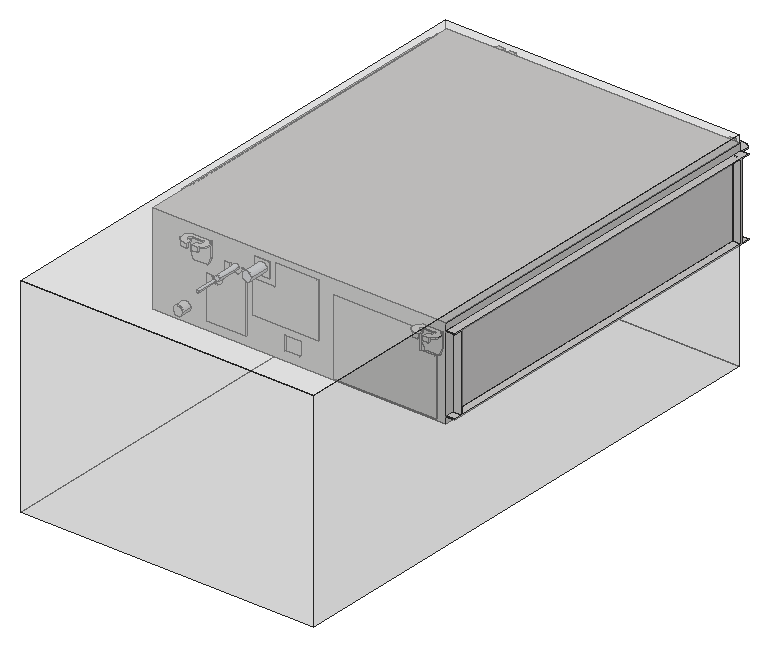
Revit family "outputfile", category 機械設備, Revit 2024
Family settings
  丸型コネクタ寸法 = 半径を使用
  パーツ タイプ = 標準
  OmniClass 番号 = 23.75.10.24.21.27.27
  OmniClass タイトル = Split System Air Conditioning Units
  作業面ベース = いいえ
  常に垂直 = はい
  ロード時にボイドで切り取り = いいえ
  注釈の向きを維持 = いいえ
  共有 = いいえ
  部屋計算ポイント = はい
Parameters (values of type "FXSQ50PAVS")
  Description = ""
  製造元 = "Daikin"
  書き出し IFC クラス(タイプ) = "IfcUnitaryEquipmentType"
  定義済み IFC タイプ(タイプ) = "AIRCONDITIONINGUNIT"
  Cost = 0
  モデル = "FXSQ50PAVS"
  Type Comments = ""
  Keynote = ""
  Type Image = (empty or 0)
  Assembly Code = ""
  r_Liquid Pipe Size = Liquid Pipe Size / 2  # 3.2 mm
  r_Gas Pipe Size = Gas Pipe Size / 2  # 6.35 mm
  r_Drain Pipe Size = Drain Pipe Size / 2  # 12.5 mm
  lw_power = 770.0 mm  # constant formula
  lh_SA = 138.0 mm  # constant formula
  lw_SA = if(Depth = 550.0 mm, 225.0 mm, if(Depth = 700.0 mm, 300.0 mm, if(Depth = 1000.0 mm, 450.0 mm, if(Depth = 1400.0 mm, 650.0 mm, 725.0 mm))))  # 450.0 mm
  lw_RA = if(Depth = 550.0 mm, 275.0 mm, if(Depth = 700.0 mm, 349.0 mm, if(Depth = 1000.0 mm, 499.0 mm, if(Depth = 1400.0 mm, 699.0 mm, 775.0 mm))))  # 499.0 mm
  lh_power = 60.0 mm + [h***]  # 60.0 mm
  lh_mountinghole1 = lh_mountinghole + [h***]  # 222.0 mm
  lh_RA = 123.0 mm  # constant formula
  ld_power = Depth / 2  # 500.0 mm
  Voltage_comment_50Hz = "220-240"
  Voltage_50Hz = 220 V
  URL = ""
  Supply Air Direction [instance] = yes
  Sound Power Level_H speed (dB) = 62
  Phase_50Hz = 1
  Minimum External Static Pressure = 50.00 Pa
  Minimum Circuit Amps_50Hz = 1.3 A
  Maximum Fuse Amps_50Hz = 16.0 A
  Maximum External Static Pressure = 150.00 Pa
  Material_Casing = DAIKIN_GalvanizedSteel_Casing_indoorunit
  lw_mountinghole = 630.0 mm  # constant formula
  lh_gaspipe = 183.0 mm + [h***]  # 183.0 mm
  lh_mountinghole = 222.0 mm  # constant formula
  lh_liquidpipe = 136.0 mm + [h***]  # 136.0 mm
  lh_drainpipe = 207.0 mm + [h***]  # 207.0 mm
  lh_antena = Height - lh_mountinghole + 1.0 mm  # 24.0 mm
  ld_drainpipe = Depth / 2 + 53.0 mm  # 553.0 mm
  ld_liquidpipe = Depth / 2 + 69.0 mm  # 569.0 mm
  ld_gaspipe = Depth / 2 + 65.0 mm  # 565.0 mm
  ld_mountinghole = Depth + 38.0 mm  # 1038.0 mm
  h*** = 0.0 mm  # constant formula
  lw_liquidpipe = 179.0 mm  # constant formula
  lw_gaspipe = 229.0 mm  # constant formula
  lw_drainpipe = 300.0 mm  # constant formula
  Width = 800.0 mm
  Version = "ver.1.0"
  Unit Type = "Middle Static Pressure Duct Type"
  Unit Mass Weight = 35.00 kg
  Unit Designation [instance] = ""
  Uniclass2015Version = "Products v1.30"
  Uniclass2015Title = "Variable refrigerant flow units"
  Uniclass2015Code = "Pr_70_65_03_94"
  Total Heating Capacity [instance] = 0.000 kW
  Total Cooling Capacity [instance] = 0.000 kW
  Sound Pressure Level_M speed (dBA) = 0
  Sound Pressure Level_L speed (dBA) = 29
  Sound Pressure Level_H speed (dBA) = 34
  Series = "VRV Fan Coil Unit"
  Sensible Cooling Capacity [instance] = 0.000 kW
  SA Duct Size Width = if(Depth = 550.0 mm, 337.0 mm, if(Depth = 700.0 mm, 492.0 mm, if(Depth = 1000.0 mm, 792.0 mm, if(Depth = 1400.0 mm, 1192.0 mm, 1337.0 mm))))  # 792.0 mm
  SA Duct Size Height = 176.0 mm
  Refrigerant Type = "R410A"
  RA Duct Size Width = if(Depth = 550.0 mm, 502.0 mm, if(Depth = 700.0 mm, 654.0 mm, if(Depth = 1000.0 mm, 952.0 mm, if(Depth = 1400.0 mm, 1352.0 mm, 1502.0 mm))))  # 952.0 mm
  RA Duct Size Height = 208.0 mm
  Power Input (Heating) = 0.159 kW
  Power Input (Cooling) = 0.164 kW
  Option Accessory 3 [instance] = ""
  Option Accessory 2 [instance] = ""
  Option Accessory 1 [instance] = ""
  Nominal Heating Capacity = 6.300 kW
  Nominal Cooling Capacity = 5.600 kW
  Minimum Airflow = 690.00 m³/h
  Median Airflow = 870.00 m³/h
  Maximum Airflow = 1020.00 m³/h
  Load Classification = HVAC
  Liquid Pipe Size = 6.4 mm
  Link_Nested Family [instance] = ""
  IfcVersion = "0"
  IfcExportType = "AIRCONDITIONINGUNIT"
  IfcExportAs = "IfcUnitaryEquipmentType"
  Height = 245.0 mm
  Heating Entering Wet Bulb Temperature [instance] = 0.00 °C
  Heating Entering Dry Bulb Temperature [instance] = 0.00 °C
  Heating Ambient Wet Bulb Temperature [instance] = 0.00 °C
  Heating Ambient Dry Bulb Temperature [instance] = 0.00 °C
  Heat Exchanger Type = "Cross Fin Coil"
  Gas Pipe Size = 12.7 mm
  Frequency_50Hz = 50 Hz
  Fan Type = "Sirocco Fan"
  Fan Drive = "Direct Drive"
  FCU Tag No. [instance] = ""
  Drain Pipe Size = 25.0 mm
  Design Supply Airflow [instance] = 0.00 m³/h
  Design Return Airflow [instance] = 0.00 m³/h
  Design External Static Pressure [instance] = 0.00 Pa
  Depth = 1000.0 mm
  既定の高さ = 0.0 mm
  Cooling Entering Wet Bulb Temperature [instance] = 0.00 °C
  Cooling Entering Dry Bulb Temperature [instance] = 0.00 °C
  Cooling Ambient Wet Bulb Temperature [instance] = 0.00 °C
  Cooling Ambient Dry Bulb Temperature [instance] = 0.00 °C
  Clearance visibility [instance] = yes
  Clearance Top = 20.0 mm
  Clearance Right = 0.0 mm
  Clearance Rear = 0.0 mm
  Clearance Left = 0.0 mm
  Clearance Front = 450.0 mm
  Clearance Bottom = 300.0 mm
Reference planes
  plane 1 "Center (Front/Back)": y = 0
  plane 2 "h": z = 0
  plane 3 "Center (Left/Right)": x = 0
  plane 4 "Back": y = 500
  plane 5 "Front": y = -500
  plane 6 "Left": x = -400
  plane 7 "Reight": x = 400
  plane 8 "Top": z = 0
  plane 9 "Bottom": z = -245
  plane 10: y = -215
  plane 11: y = 500
  plane 12: y = -950
  plane 13: x = -400
  plane 14: x = 400
  plane 15: z = 20
  plane 16: z = -545
  plane 17: x = -400
  plane 18: x = -399
  plane 19: x = 399
  plane 20: y = 50
  plane 21: y = -1
  plane 22: z = -122
  plane 23: y = -501
  plane 24: z = -109
  plane 25: x = -221
  plane 26: y = -565
  plane 27: z = -62
  plane 28: x = -171
  plane 29: y = -553
  plane 30: z = -38
  plane 31: x = -100
  plane 32: x = -100
  plane 33: x = -221
  plane 34: x = -171
  plane 35: x = 370
  plane 36: x = -266
  plane 37: x = 364
  plane 38: y = -519
  plane 39: y = 519
  plane 40: z = -23
  plane 41: z = -107
  plane 42: y = -570
  plane 43: z = -207
  plane 44: x = -309
  plane 45: y = -526
  plane 46: x = -251
  plane 47: x = -203
  plane 48: x = -144
  plane 49: z = -59
  plane 50: z = -106
  plane 51: z = -221
  plane 52: z = -109
  plane 53: x = -221
  plane 54: z = -62
  plane 55: x = -171
  plane 56: z = -17
  plane 57: z = -59
  plane 58: x = -121
  plane 59: x = -79
  plane 60: x = -125
  plane 61: x = -64
  plane 62: x = 53
  plane 63: z = -164
  plane 64: z = -73
  plane 65: z = -16
  plane 66: x = 93.5
  plane 67: x = 374.5
  plane 68: x = 330
  plane 69: z = -88.5
  plane 70: z = -38
  plane 71: z = -242.5
  plane 72: x = -38.5
  plane 73: x = 6.5
  plane 74: z = -181
  plane 75: z = -221
  plane 76: y = -499
  plane 77: x = -424
  plane 78: x = 424
Forms (mm)
  Extrusion 1, solid, material "DAIKIN_GalvanizedSteel_Casing_indoorunit" <- "Material_Casing"
    sketch origin (0, 0, 0) x (1, 0, 0) y (0, 1, 0)
      loop
        line (-399, 500) -> (-399, -500) -> (399, -500) -> (399, 500) -> (-399, 500)
    from -245 to 0
  Extrusion 2, solid, material "DAIKIN_GalvanizedSteel_Casing_indoorunit" <- "Material_Casing"
    sketch origin (0, 0, 0) x (1, 0, 0) y (0, 0, 1)
      loop
        line (-251, -221) -> (-144, -221) -> (-144, -59) -> (-154.47, -59)
        arc (-154.47, -59) -> (-171, -78.8) -> (-187.53, -59) r 16.8
        line (-187.53, -59) -> (-203, -59) -> (-203, -106) -> (-206.916, -106)
        arc (-206.916, -106) -> (-221, -123.4) -> (-235.084, -106) r 14.4
        line (-235.084, -106) -> (-251, -106) -> (-251, -221)
    from 500 to 501
  Extrusion 3, solid, material "DAIKIN_GalvanizedSteel_Casing_indoorunit" <- "Material_Casing"
    sketch origin (0, 0, 0) x (1, 0, 0) y (0, 0, 1)
      loop
        line (-121, -17) -> (-121, -59) -> (-79, -59) -> (-79, -17) -> (-121, -17)
      loop
        line (-125, -73) -> (-125, -164) -> (53, -164) -> (53, -16) -> (-64, -16) -> (-64, -73) -> (-125, -73)
    from 500 to 501
  Extrusion 4, solid, material "DAIKIN_GalvanizedSteel_Casing_indoorunit" <- "Material_Casing"
    sketch origin (0, 0, 0) x (1, 0, 0) y (0, 0, 1)
      loop
        line (93.5, -38) -> (93.5, -242.5) -> (374.5, -242.5) -> (374.5, -88.5) -> (330, -88.5) -> (330, -38) -> (93.5, -38)
    from 500 to 501
  Extrusion 5, solid
    sketch origin (0, 0, 0) x (1, 0, 0) y (0, 0, 1)
      loop
        circle (-221, -109) r 3.2
    from 500 to 570
  Extrusion 6, solid
    sketch origin (0, 0, 0) x (1, 0, 0) y (0, 0, 1)
      loop
        circle (-171, -62) r 6.35
    from 500 to 565
  Extrusion 7, solid
    sketch origin (0, 0, 0) x (1, 0, 0) y (0, 0, 1)
      loop
        circle (-100, -38) r 12.5
    from 501 to 553
  Extrusion 8, solid, material "DAIKIN_GalvanizedSteel_Casing_indoorunit" <- "Material_Casing"
    sketch origin (0, 0, 0) x (1, 0, 0) y (0, 0, 1)
      loop
        circle (-309, -207) r 13
    from 500 to 526
  Extrusion 9, void
    sketch origin (0, 0, 0) x (1, 0, 0) y (0, 0, 1)
      loop
        line (-38.5, -181) -> (-38.5, -221) -> (6.5, -221) -> (6.5, -181) -> (-38.5, -181)
    from 499 to 500
Cuts and joins
  Extrusion 9 cuts Extrusion 1
Dimensions and locks
  "Height": plane 8 "Top" to plane 9 "Bottom"
  equal spacing: plane 4 "Back", plane 1 "Center (Front/Back)", plane 5 "Front"
  "Depth": plane 4 "Back" to plane 5 "Front"
  equal spacing: plane 6 "Left", plane 3 "Center (Left/Right)", plane 7 "Reight"
  "Width": plane 6 "Left" to plane 7 "Reight"
  "Clearance Left": plane 13 to plane 6 "Left"
  "Clearance Right": plane 7 "Reight" to plane 14
  "Clearance Rear": plane 11 to plane 4 "Back"
  "Clearance Front": plane 5 "Front" to plane 12
  "Clearance Top": plane 15 to plane 8 "Top"
  "Clearance Bottom": plane 9 "Bottom" to plane 16
  locked: plane 17 to plane 18 at 1
  locked: plane 19 to plane 14 at 1
  "lw_SA": plane 11 to plane 20
  "lw_RA": plane 21 to plane 5 "Front"
  "lh_RA": plane 22 to plane 9 "Bottom"
  locked: plane 5 "Front" to plane 23 at 1
  "lw_liquidpipe": plane 25 to plane 6 "Left"
  "lh_liquidpipe": plane 24 to plane 9 "Bottom"
  "lh_gaspipe": plane 27 to plane 9 "Bottom"
  "lw_gaspipe": plane 28 to plane 6 "Left"
  "ld_gaspipe": plane 26 to plane 1 "Center (Front/Back)"
  "ld_drainpipe": plane 29 to plane 1 "Center (Front/Back)"
  "lh_drainpipe": plane 30 to plane 9 "Bottom"
  "lw_drainpipe": plane 31 to plane 6 "Left"
  "lw_drainpipe": plane 6 "Left" to plane 32
  "lw_liquidpipe": plane 6 "Left" to plane 33
  "lw_gaspipe": plane 6 "Left" to plane 34
  "lw_power": plane 6 "Left" to plane 35
  locked: plane 17 to plane 36 at 134
  "lw_mountinghole": plane 36 to plane 37
  equal spacing: plane 38, plane 1 "Center (Front/Back)", plane 39
  "ld_mountinghole": plane 39 to plane 38
  "lh_mountinghole": plane 40 to plane 9 "Bottom"
  "lh_SA": plane 41 to plane 9 "Bottom"
  "ld_liquidpipe": plane 21 to plane 42
  locked: plane 44 to plane 6 "Left" at 91
  locked: plane 43 to plane 9 "Bottom" at 38
  locked: plane 5 "Front" to plane 45 at 26
  plane 48 to plane 47 to plane 46 to plane 6 "Left" = 59.0 mm, 48.0 mm, 149.0 mm
  plane 8 "Top" to plane 49 to plane 50 to plane 51 = 59.0 mm locked, 47.0 mm locked, 115.0 mm locked
  plane 55 to plane 53 to plane 6 "Left" = 50.0 mm locked, 179.0 mm locked
  plane 54 to plane 52 to plane 9 "Bottom" = 47.0 mm locked, 136.0 mm locked
  plane 59 to plane 58 to plane 6 "Left" = 42.0 mm locked, 279.0 mm locked
  plane 8 "Top" to plane 56 to plane 57 = 17.0 mm locked, 42.0 mm locked
  plane 62 to plane 61 to plane 60 to plane 6 "Left" = 117.0 mm, 61.0 mm, 275.0 mm
  plane 8 "Top" to plane 65 to plane 64 = 16.0 mm locked, 57.0 mm locked
  locked: plane 65 to plane 63 at 148
  plane 8 "Top" to plane 70 to plane 69 to plane 71 = 38.0 mm locked, 50.5 mm locked, 154.0 mm locked
  plane 67 to plane 68 to plane 66 to plane 6 "Left" = 44.5 mm locked, 236.5 mm locked, 493.5 mm locked
  plane 8 "Top" to plane 74 to plane 75 = 181.0 mm locked, 40.0 mm locked
  plane 73 to plane 72 to plane 6 "Left" = 45.0 mm, 361.5 mm
  locked: plane 76 to plane 5 "Front" at 1
  locked: plane 77 to plane 17 at 24
  locked: plane 14 to plane 78 at 24
  "r_Liquid Pipe Size": radius of Extrusion 5 sketch curve
  "r_Gas Pipe Size": radius of Extrusion 6 sketch curve
  "r_Drain Pipe Size": radius of Extrusion 7 sketch curve
  aligned and locked: level to plane 2 "h"
  aligned and locked: plane 8 "Top" to Extrusion 1
  aligned and locked: Extrusion 1 to plane 9 "Bottom"
  aligned and locked: nested 5 to plane 12
  aligned and locked: plane 13 to nested 5
  aligned and locked: plane 14 to nested 5
  aligned and locked: nested 5 to plane 13
  aligned and locked: plane 11 to nested 5
  aligned and locked: plane 15 to nested 5
  aligned and locked: plane 16 to nested 5
  aligned and locked: plane 5 "Front" to Extrusion 1 sketch curve
  aligned and locked: Extrusion 1 to plane 18
  aligned and locked: plane 19 to Extrusion 1
  aligned and locked: nested 7 to plane 18
  aligned and locked: nested 7 to plane 20
  aligned and locked: plane 19 to nested 8
  aligned and locked: plane 21 to nested 8
  aligned and locked: plane 22 to nested 8
  aligned and locked: Extrusion 2 to plane 23
  aligned and locked: plane 5 "Front" to Extrusion 2
  aligned and locked: Extrusion 3 to plane 23
  aligned and locked: plane 5 "Front" to Extrusion 3
  aligned and locked: plane 5 "Front" to Extrusion 4
  aligned and locked: Extrusion 5 sketch curve to plane 25
  aligned and locked: plane 24 to Extrusion 5 sketch curve
  aligned and locked: plane 5 "Front" to Extrusion 5
  aligned and locked: Extrusion 6 sketch curve to plane 28
  aligned and locked: plane 27 to Extrusion 6 sketch curve
  aligned and locked: plane 5 "Front" to Extrusion 6
  aligned and locked: Extrusion 7 sketch curve to plane 31
  aligned and locked: Extrusion 7 sketch curve to plane 30
  aligned and locked: Extrusion 7 to plane 29
  aligned and locked: plane 23 to Extrusion 7
  aligned and locked: nested 3 to plane 29
  aligned and locked: plane 32 to nested 3
  aligned and locked: nested 2 to plane 33
  aligned and locked: nested 1 to plane 34
  aligned and locked: Extrusion 6 to plane 26
  aligned and locked: nested 1 to plane 26
  aligned and locked: nested 6 to plane 5 "Front"
  aligned and locked: nested 6 to plane 35
  aligned and locked: plane 36 to nested 10
  aligned and locked: nested 10 to plane 5 "Front"
  aligned and locked: plane 37 to nested 9
  aligned and locked: nested 9 to plane 5 "Front"
  aligned and locked: nested 11 to plane 36
  aligned and locked: plane 4 "Back" to nested 11
  aligned and locked: nested 12 to plane 37
  aligned and locked: plane 4 "Back" to nested 12
  aligned and locked: plane 40 to nested 10
  aligned and locked: plane 40 to nested 11
  aligned and locked: plane 40 to nested 9
  aligned and locked: plane 40 to nested 12
  aligned and locked: plane 36 to nested 14
  aligned and locked: nested 14 to plane 39
  aligned and locked: plane 37 to nested 13
  aligned and locked: nested 13 to plane 39
  aligned and locked: plane 37 to nested 16
  aligned and locked: plane 38 to nested 16
  aligned and locked: plane 38 to nested 15
  aligned and locked: plane 36 to nested 15
  aligned and locked: plane 17 to plane 6 "Left"
  aligned and locked: plane 41 to nested 7
  aligned and locked: Extrusion 5 to plane 42
  aligned and locked: nested 2 to plane 42
  aligned and locked: Extrusion 8 sketch curve to plane 44
  aligned and locked: plane 43 to Extrusion 8 sketch curve
  aligned and locked: plane 5 "Front" to Extrusion 8
  aligned and locked: plane 45 to Extrusion 8
  aligned and locked: Extrusion 3 sketch curve to plane 56
  aligned and locked: Extrusion 3 sketch curve to plane 58
  aligned and locked: plane 57 to Extrusion 3 sketch curve
  aligned and locked: plane 59 to Extrusion 3 sketch curve
  aligned and locked: Extrusion 4 to plane 23
  aligned and locked: Extrusion 9 sketch curve to plane 74
  aligned and locked: plane 75 to Extrusion 9 sketch curve
  aligned and locked: plane 73 to Extrusion 9 sketch curve
  aligned and locked: plane 5 "Front" to Extrusion 9
  aligned and locked: plane 76 to Extrusion 9
  aligned and locked: nested 17 to plane 20
  aligned and locked: nested 17 to plane 77
  aligned and locked: plane 21 to nested 18
  aligned and locked: plane 78 to nested 18
  aligned and locked: plane 41 to nested 17
  aligned and locked: nested 18 to plane 22
  aligned and locked: nested 4 to plane 3 "Center (Left/Right)"
  aligned and locked: plane 1 "Center (Front/Back)" to nested 4
  aligned and locked: level to plane 8 "Top"
Automatic sketch dimensions
  plane 6 "Left" to Extrusion 1 sketch curve = 1.0 mm
  Extrusion 1 sketch curve to plane 7 "Reight" = 1.0 mm
  Extrusion 1 sketch curve to plane 4 "Back" = 0.0 mm
  Extrusion 2 sketch curve to plane 46 = 0.0 mm
  Extrusion 2 sketch curve to plane 33 = 0.0 mm
  Extrusion 2 sketch curve to plane 47 = 0.0 mm
  Extrusion 2 sketch curve to plane 34 = 0.0 mm
  Extrusion 2 sketch curve to plane 48 = 0.0 mm
  Extrusion 2 sketch curve to plane 51 = 0.0 mm
  Extrusion 2 sketch curve to plane 52 = 0.0 mm
  Extrusion 2 sketch curve to plane 50 = 0.0 mm  (x3)
  Extrusion 2 sketch curve to plane 54 = 0.0 mm
  Extrusion 2 sketch curve to plane 49 = 0.0 mm  (x3)
  plane 33 to Extrusion 2 sketch curve = 14.084 mm
  plane 34 to Extrusion 2 sketch curve = 16.53 mm
  Extrusion 3 sketch curve to plane 60 = 0.0 mm
  Extrusion 3 sketch curve to plane 61 = 0.0 mm
  Extrusion 3 sketch curve to plane 62 = 0.0 mm
  Extrusion 3 sketch curve to plane 63 = 0.0 mm
  Extrusion 3 sketch curve to plane 64 = 0.0 mm
  Extrusion 3 sketch curve to plane 65 = 0.0 mm
  Extrusion 4 sketch curve to plane 66 = 0.0 mm
  Extrusion 4 sketch curve to plane 68 = 0.0 mm
  Extrusion 4 sketch curve to plane 67 = 0.0 mm
  Extrusion 4 sketch curve to plane 71 = 0.0 mm
  Extrusion 4 sketch curve to plane 69 = 0.0 mm
  Extrusion 4 sketch curve to plane 70 = 0.0 mm
  Extrusion 9 sketch curve to plane 72 = 0.0 mm
  radius of Extrusion 8 sketch curve = 13.0 mm
Nested families
  nested 1: "daikin_connector_rotate2" at (-171, 0, -62), length <- "ld_gaspipe", built-in parameter 1001364 <- "lh_gaspipe", radius <- "r_Gas Pipe Size", type "daikin_connector_rotate2"
    with radius 6.35 mm, length 565.0 mm, angle_vertical 90.00°
  nested 2: "daikin_connector_rotate2" at (-221, -1, -109), length <- "ld_liquidpipe", built-in parameter 1001364 <- "lh_liquidpipe", radius <- "r_Liquid Pipe Size", type "daikin_connector_rotate2"
    with radius 3.2 mm, length 569.0 mm, angle_vertical 90.00°
  nested 3: "daikin_connector_rotate2" at (-100, 0, -38), length <- "ld_drainpipe", built-in parameter 1001364 <- "lh_drainpipe", radius <- "r_Drain Pipe Size", type "daikin_connector_rotate2"
    with radius 12.5 mm, length 553.0 mm, angle_vertical 90.00°
  nested 4: "daikin_△_symbolicline" at (0, 0, 245) x (0, -1, 0) z (0, 0, 1), built-in parameter 1001364 <- "Height", visible <- "Supply Air Direction", type "daikin_△_symbolicline"
    with length 200.0 mm
  nested 5: "daikin_clearancespace" at (0, -225, -262.381), visible <- "Clearance visibility", show <- "Clearance visibility", Link_Nested Family <- "Link_Nested Family", type "daikin_clearancespace"
    with width 800.0 mm, show yes, height 565.0 mm, depth 1450.0 mm, Link_Nested Family ""
  nested 6: "daikin_connector_rotate2" at (370, 0, -185), built-in parameter 1001364 <- "lh_power", length <- "ld_power", type "daikin_connector_rotate2"
    with radius 10.0 mm, length 500.0 mm, angle_vertical 90.00°
  nested 7: "daikin_ductflange_FXSQ-PAVS2" at (-399, 50, -107) x (0, -1, 0) z (0, 0, 1), type "daikin_ductflange_FXSQ-PAVS2"
    with width 792.0 mm, w 1000.0 mm
  nested 8: "daikin_ductflange_FXSQ-PAVS" at (399, -1, -122) x (0, 1, 0) z (0, 0, 1), type "daikin_ductflange_FXSQ-PAVS"
    with width 952.0 mm, w 1000.0 mm
  nested 9: "daikin_hangerfixture_FXSQ-PAVS" at (364, -500, -23), type "daikin_hangerfixture_FXSQ-PAVS"
  nested 10: "daikin_hangerfixture_FXSQ-PAVS" at (-266, -500, -23), type "daikin_hangerfixture_FXSQ-PAVS"
  nested 11: "daikin_hangerfixture_FXSQ-PAVS" at (-266, 500, -23) x (-1, 0, 0) z (0, 0, 1), type "daikin_hangerfixture_FXSQ-PAVS"
  nested 12: "daikin_hangerfixture_FXSQ-PAVS" at (364, 500, -23) x (-1, 0, 0) z (0, 0, 1), type "daikin_hangerfixture_FXSQ-PAVS"
  nested 13: "daikin_mountinghole" at (364, 519, -245), h_mountinghole <- "lh_mountinghole1", l_antenna <- "lh_antena", Link_Nested Family <- "Link_Nested Family", type "daikin_mountinghole"
    with show yes, l_antenna 24.0 mm, h_mountinghole 222.0 mm, Link_Nested Family ""
  nested 14: "daikin_mountinghole" at (-266, 519, -245), h_mountinghole <- "lh_mountinghole1", l_antenna <- "lh_antena", Link_Nested Family <- "Link_Nested Family", type "daikin_mountinghole"
    with show yes, l_antenna 24.0 mm, h_mountinghole 222.0 mm, Link_Nested Family ""
  nested 15: "daikin_mountinghole" at (-266, -519, -245), h_mountinghole <- "lh_mountinghole1", l_antenna <- "lh_antena", Link_Nested Family <- "Link_Nested Family", type "daikin_mountinghole"
    with show yes, l_antenna 24.0 mm, h_mountinghole 222.0 mm, Link_Nested Family ""
  nested 16: "daikin_mountinghole" at (364, -519, -245), h_mountinghole <- "lh_mountinghole1", l_antenna <- "lh_antena", Link_Nested Family <- "Link_Nested Family", type "daikin_mountinghole"
    with show yes, l_antenna 24.0 mm, h_mountinghole 222.0 mm, Link_Nested Family ""
  nested 17: "daikin_connector_rotate2" at (-400, 50, -107) x (0, -1, 0) z (0, 0, 1), type "daikin_connector_rotate2"
    with radius 10.0 mm, length 24.0 mm, angle_vertical 90.00°
  nested 18: "daikin_connector_rotate2" at (400, -1, -122) x (0, 1, 0) z (0, 0, 1), type "daikin_connector_rotate2"
    with radius 10.0 mm, length 24.0 mm, angle_vertical 90.00°
Connectors
  piping at (-100, -553, -38), diameter 25, driven by "r_Drain Pipe Size"
    settings: on nested 3, index 3, connector inside diameter 609.6 mm, connector length 0.0 mm, flow factor 0, pipe flow 0.00 m³/h, pressure drop 0.0 Pa, fitting loss kfactor 0, connector angle 0.00°, fixture units 0, engagement length 0.0 mm, angle of deflection 0.00°, flow configuration 1, flow direction 2, fitting loss method 4, system type 16, joint type 0, gender type 0, connector reference index -1, connector utility 0, adjustable connector no, is connector primary yes, connector description "Condensate Drain Piping"
  piping at (-171, -565, -62), diameter 12.7, driven by "r_Gas Pipe Size"
    settings: on nested 1, index 4, connector inside diameter 609.6 mm, connector length 0.0 mm, flow factor 0, pipe flow 0.00 m³/h, pressure drop 0.0 Pa, fitting loss kfactor 0, connector angle 0.00°, fixture units 0, engagement length 0.0 mm, angle of deflection 0.00°, flow configuration 1, flow direction 2, fitting loss method 0, system type 29, joint type 0, gender type 0, connector reference index -1, connector utility 0, adjustable connector no, is connector primary no, connector description "Refrigerant Gas Piping"
  piping at (-221, -570, -109), diameter 6.4, driven by "r_Liquid Pipe Size"
    settings: on nested 2, index 5, connector inside diameter 609.6 mm, connector length 0.0 mm, flow factor 0, pipe flow 0.00 m³/h, pressure drop 0.0 Pa, fitting loss kfactor 0, connector angle 0.00°, fixture units 0, engagement length 0.0 mm, angle of deflection 0.00°, flow configuration 1, flow direction 1, fitting loss method 0, system type 29, joint type 0, gender type 0, connector reference index -1, connector utility 0, adjustable connector no, is connector primary no, connector description "Refrigerant Liquid Piping"
  electrical at (370, -500, -185), driven by "Load Classification"
    settings: on nested 6, index 6, voltage 0 V, apparent load 0 VA, apparent load phase1 0 VA, apparent load phase2 0 VA, apparent load phase3 0 VA, power factor 1, load classification "HVAC", number of poles 1, system type 30, power factor state 1, is connector primary yes, connector utility no, sub classification motor no, connector description "Power Supply"
  hvac at (-424, 50, -107), driven by "SA Duct Size Height", driven by "SA Duct Size Width"
    settings: on nested 17, index 7, duct flow 0.00 m³/h, flow factor 0, pres drop 0.00 Pa, loss coef 0, conn angle 0.00°, conn width 792.0 mm, conn height 176.0 mm, conn diameter 609.6 mm, duct sys type 1, conn prof type 1, flow config 0, flow direction 2, loss method 4, conn ref index -1, conn util no, is conn primary yes, conn desc "SA Duct"
  hvac at (424, -1, -122), driven by "RA Duct Size Height", driven by "RA Duct Size Width"
    settings: on nested 18, index 8, duct flow 0.00 m³/h, flow factor 0, pres drop 0.00 Pa, loss coef 0, conn angle 0.00°, conn width 952.0 mm, conn height 208.0 mm, conn diameter 609.6 mm, duct sys type 2, conn prof type 1, flow config 0, flow direction 1, loss method 4, conn ref index -1, conn util no, is conn primary no, conn desc "RA Duct"
Definition of nested family "daikin_clearancespace"
  Parameters (values of type "daikin_clearancespace")
    width [instance] = 1823.963 mm
    show [instance] = yes
    material = none
    height [instance] = 1359.762 mm
    depth [instance] = 880.0 mm
    Default Elevation = 0.0 mm
    Link_Nested Family [instance] = ""
  Reference planes
    plane 1 "Center (Front/Back)": y = 0
    plane 2 "Center (Elevation)": z = -0.119
    plane 3 "Center (Left/Right)": x = 0
    plane 4: y = 440
    plane 5: y = -440
    plane 6 "Right": x = 911.982
    plane 7 "Left": x = -911.982
    plane 8 "Top": z = 679.762
    plane 9 "Bottom": z = -680
  Forms (mm)
    Extrusion 1, solid, material <- "material", visible <- "show"
      sketch origin (0, 0, 0) x (1, 0, 0) y (0, 1, 0)
        loop
          line (-911.982, 440) -> (-911.982, -440) -> (911.982, -440) -> (911.982, 440) -> (-911.982, 440)
      from -680 to 679.762
  Lines and regions (mm)
    symbolic lines, visible <- "show"
      curve 1: line (911.982, 440, 0) -> (-911.982, 440, 0)
      curve 2: line (-911.982, 440, 0) -> (-911.982, -440, 0)
      curve 3: line (-911.982, -440, 0) -> (911.982, -440, 0)
      curve 4: line (911.982, -440, 0) -> (911.982, 440, 0)
      curve 5: line (911.982, 0, 679.762) -> (-911.982, 0, 679.762)
      curve 6: line (911.982, 0, -680) -> (911.982, 0, 679.762)
      curve 7: line (-911.982, 0, -680) -> (911.982, 0, -680)
      curve 8: line (-911.982, 0, 679.762) -> (-911.982, 0, -680)
      curve 9: line (0, 440, 679.762) -> (0, -440, 679.762)
      curve 10: line (0, -440, 679.762) -> (0, -440, -680)
      curve 11: line (0, 440, -680) -> (0, 440, 679.762)
      curve 12: line (0, -440, -680) -> (0, 440, -680)
  Dimensions and locks
    "width": plane 7 "Left" to plane 6 "Right"
    "depth": plane 4 to plane 5
    "height": plane 8 "Top" to plane 9 "Bottom"
    equal spacing: plane 7 "Left", plane 3 "Center (Left/Right)", plane 6 "Right"
    equal spacing: plane 4, plane 1 "Center (Front/Back)", plane 5
    equal spacing: plane 8 "Top", plane 2 "Center (Elevation)", plane 9 "Bottom"
    aligned and locked: level to plane 2 "Center (Elevation)"
    aligned and locked: Extrusion 1 sketch curve to plane 4
    aligned and locked: plane 7 "Left" to Extrusion 1 sketch curve
    aligned and locked: Extrusion 1 sketch curve to plane 5
    aligned and locked: Extrusion 1 sketch curve to plane 6 "Right"
    aligned and locked: plane 8 "Top" to Extrusion 1
    aligned and locked: curve 1 to Extrusion 1
    aligned and locked: curve 2 to Extrusion 1
    aligned and locked: curve 3 to Extrusion 1
    aligned and locked: curve 4 to Extrusion 1
    aligned and locked: curve 5 to Extrusion 1
    aligned and locked: curve 6 to Extrusion 1
    aligned and locked: curve 7 to Extrusion 1
    aligned and locked: curve 8 to Extrusion 1
    aligned and locked: curve 9 to Extrusion 1
    aligned and locked: curve 10 to Extrusion 1
    aligned and locked: curve 11 to Extrusion 1
    aligned and locked: curve 12 to Extrusion 1
    aligned and locked: Extrusion 1 to plane 9 "Bottom"
Definition of nested family "daikin_ductflange_FXSQ-PAVS2"
  Parameters (values of type "daikin_ductflange_FXMQ-PAVE2")
    width = if(w = 550.0 mm, 337.0 mm, if(w = 700.0 mm, 492.0 mm, if(w = 1000.0 mm, 792.0 mm, if(w = 1400.0 mm, 1192.0 mm, 1337.0 mm))))  # 337.0 mm
    material = none
    height = 215.0 mm
    depth = 1.0 mm
    w = 550.0 mm
    Default Elevation = 0.0 mm
  Reference planes
    plane 1 "Center (Front/Back)": y = 0
    plane 2: z = 0
    plane 3 "Center (Left/Right)": x = 0
    plane 4: z = 88
    plane 5: z = -88
    plane 6: y = -25
    plane 7: z = 106
    plane 8: z = 89
    plane 9: y = -1
    plane 10: x = -192.5
    plane 11: x = 192.5
    plane 12: z = -106
    plane 13: z = -89
    plane 14: y = -1
    plane 15: x = 168.5
    plane 16: x = -168.5
    plane 17: x = 169.5
    plane 18: z = 87
    plane 19: z = -87
    plane 20: x = -169.5
    plane 21: z = 87
    plane 22: z = -87
    plane 23: y = -1
  Forms (mm)
    Extrusion 1, solid, material <- "material"
      sketch origin (0, 0, 0) x (0, 1, 0) y (0, 0, 1)
        loop
          line (-25, 88) -> (0, 88) -> (0, 106) -> (-1, 106) -> (-1, 89) -> (-25, 89) -> (-25, 88)
      from -192.5 to 192.5
    Extrusion 2, solid, material <- "material"
      sketch origin (0, 0, 0) x (0, 1, 0) y (0, 0, 1)
        loop
          line (-25, -88) -> (-25, -89) -> (-1, -89) -> (-1, -106) -> (0, -106) -> (0, -88) -> (-25, -88)
      from -192.5 to 192.5
    Extrusion 3, solid, material <- "material"
      sketch origin (0, 0, 0) x (1, 0, 0) y (0, 0, 1)
        loop
          line (168.5, 88) -> (168.5, -88) -> (192.5, -88) -> (192.5, -87) -> (169.5, -87) -> (169.5, 87) -> (192.5, 87) -> (192.5, 88) -> (168.5, 88)
      from 0 to 25
    Extrusion 4, solid, material <- "material"
      sketch origin (0, 0, 0) x (1, 0, 0) y (0, 0, 1)
        loop
          line (-192.5, 88) -> (-192.5, 87) -> (-169.5, 87) -> (-169.5, -87) -> (-192.5, -87) -> (-192.5, -88) -> (-168.5, -88) -> (-168.5, 88) -> (-192.5, 88)
      from 0 to 25
    Extrusion 5, solid, material <- "material"
      sketch origin (0, 0, 0) x (1, 0, 0) y (0, 0, 1)
        loop
          line (-192.5, 88) -> (-192.5, -88) -> (-168.5, -88) -> (-168.5, 88) -> (-192.5, 88)
        loop
          line (192.5, 88) -> (168.5, 88) -> (168.5, -88) -> (192.5, -88) -> (192.5, 88)
      from 0 to 1
  Cuts and joins
    joined: Extrusion 1, Extrusion 2, Extrusion 3, Extrusion 4, Extrusion 5
  Dimensions and locks
    plane 4 to level to plane 5 = 88.0 mm, 88.0 mm
    locked: plane 6 to plane 1 "Center (Front/Back)" at 25
    locked: plane 9 to plane 1 "Center (Front/Back)" at 1
    locked: plane 8 to plane 4 at 1
    locked: plane 16 to plane 10 at 24
    locked: plane 17 to plane 15 at 1
    locked: plane 4 to plane 18 at 1
    locked: plane 19 to plane 5 at 1
    "width": plane 15 to plane 16
    plane 4 to plane 5 = 176.0 mm
    locked: plane 16 to plane 20 at 1
    locked: plane 4 to plane 21 at 1
    locked: plane 22 to plane 5 at 1
    locked: plane 23 to plane 1 "Center (Front/Back)" at 1
    plane 4 to level to plane 5 = 88.0 mm locked, 88.0 mm locked
    locked: plane 5 to plane 13 at 1
    locked: plane 5 to plane 12 at 18
    locked: plane 7 to plane 4 at 18
    equal spacing: plane 15, plane 3 "Center (Left/Right)", plane 16
    locked: plane 11 to plane 15 at 24
    plane 11 to plane 10 = 385.0 mm
    aligned and locked: level to plane 2
    aligned and locked: Extrusion 1 to plane 10
    aligned and locked: plane 11 to Extrusion 1
    aligned and locked: plane 5 to Extrusion 2
    aligned and locked: Extrusion 2 to plane 1 "Center (Front/Back)"
    aligned and locked: plane 15 to Extrusion 3 sketch curve
    aligned and locked: Extrusion 3 sketch curve to Extrusion 2  (x2)
    aligned and locked: Extrusion 3 sketch curve to plane 11
    aligned and locked: plane 6 to Extrusion 3
    aligned and locked: Extrusion 2 to plane 10
    aligned and locked: plane 11 to Extrusion 2
    aligned and locked: Extrusion 4 sketch curve to Extrusion 1  (x2)
    aligned and locked: plane 5 to Extrusion 4 sketch curve
    aligned and locked: Extrusion 4 sketch curve to plane 16
    aligned and locked: Extrusion 4 sketch curve to plane 22
    aligned and locked: plane 20 to Extrusion 4 sketch curve
    aligned and locked: plane 21 to Extrusion 4 sketch curve
    aligned and locked: Extrusion 4 to plane 1 "Center (Front/Back)"
    aligned and locked: plane 6 to Extrusion 4
    aligned and locked: Extrusion 5 sketch curve to Extrusion 1  (x4)
    aligned and locked: Extrusion 5 sketch curve to Extrusion 4  (x2)
    aligned and locked: Extrusion 5 sketch curve to Extrusion 3  (x2)
    aligned and locked: Extrusion 5 to plane 1 "Center (Front/Back)"
    aligned and locked: plane 23 to Extrusion 5
  Automatic sketch dimensions
    Extrusion 1 sketch curve to plane 6 = 0.0 mm
    Extrusion 1 sketch curve to plane 7 = 0.0 mm
    Extrusion 1 sketch curve to plane 9 = 0.0 mm
    Extrusion 1 sketch curve to plane 1 "Center (Front/Back)" = 0.0 mm
    Extrusion 1 sketch curve to plane 4 = 0.0 mm
    Extrusion 1 sketch curve to plane 8 = 0.0 mm
    Extrusion 2 sketch curve to plane 6 = 0.0 mm
    plane 12 to Extrusion 2 sketch curve = 0.0 mm
    Extrusion 2 sketch curve to plane 14 = 0.0 mm
    Extrusion 2 sketch curve to plane 1 "Center (Front/Back)" = 0.0 mm
    plane 13 to Extrusion 2 sketch curve = 0.0 mm
    Extrusion 2 sketch curve to plane 5 = 0.0 mm
    Extrusion 3 sketch curve to plane 17 = 0.0 mm
    Extrusion 3 sketch curve to plane 19 = 0.0 mm
    Extrusion 3 sketch curve to plane 18 = 0.0 mm
    Extrusion 3 sketch curve to plane 4 = 0.0 mm
    Extrusion 4 sketch curve to plane 10 = 0.0 mm
Definition of nested family "daikin_ductflange_FXSQ-PAVS"
  Parameters (values of type "daikin_ductflange_FXMQ-PAVE")
    width = if(w = 550.0 mm, 502.0 mm, if(w = 700.0 mm, 654.0 mm, if(w = 1000.0 mm, 952.0 mm, if(w = 1400.0 mm, 1352.0 mm, 1502.0 mm))))  # 502.0 mm
    material = none
    height = 208.0 mm
    depth = 1.0 mm
    w = 550.0 mm
    Default Elevation = 0.0 mm
  Reference planes
    plane 1 "Center (Front/Back)": y = 0
    plane 2: z = 0
    plane 3 "Center (Left/Right)": x = 0
    plane 4: z = 104
    plane 5: z = -104
    plane 6: y = -25
    plane 7: z = 121
    plane 8: z = 105
    plane 9: y = -1
    plane 10: x = -275
    plane 11: x = 275
    plane 12: z = -122
    plane 13: z = -105
    plane 14: y = -1
    plane 15: x = 251
    plane 16: x = -251
    plane 17: x = 252
    plane 18: z = 103
    plane 19: z = -103
    plane 20: x = -252
    plane 21: z = 103
    plane 22: z = -103
    plane 23: y = -1
  Forms (mm)
    Extrusion 1, solid, material <- "material"
      sketch origin (0, 0, 0) x (0, 1, 0) y (0, 0, 1)
        loop
          line (-25, 104) -> (0, 104) -> (0, 121) -> (-1, 121) -> (-1, 105) -> (-25, 105) -> (-25, 104)
      from -275 to 275
    Extrusion 2, solid, material <- "material"
      sketch origin (0, 0, 0) x (0, 1, 0) y (0, 0, 1)
        loop
          line (-25, -104) -> (-25, -105) -> (-1, -105) -> (-1, -122) -> (0, -122) -> (0, -104) -> (-25, -104)
      from -275 to 275
    Extrusion 3, solid, material <- "material"
      sketch origin (0, 0, 0) x (1, 0, 0) y (0, 0, 1)
        loop
          line (251, 104) -> (251, -104) -> (275, -104) -> (275, -103) -> (252, -103) -> (252, 103) -> (275, 103) -> (275, 104) -> (251, 104)
      from 0 to 25
    Extrusion 4, solid, material <- "material"
      sketch origin (0, 0, 0) x (1, 0, 0) y (0, 0, 1)
        loop
          line (-275, 104) -> (-275, 103) -> (-252, 103) -> (-252, -103) -> (-275, -103) -> (-275, -104) -> (-251, -104) -> (-251, 104) -> (-275, 104)
      from 0 to 25
    Extrusion 5, solid, material <- "material"
      sketch origin (0, 0, 0) x (1, 0, 0) y (0, 0, 1)
        loop
          line (-275, 104) -> (-275, -104) -> (-251, -104) -> (-251, 104) -> (-275, 104)
        loop
          line (275, 104) -> (251, 104) -> (251, -104) -> (275, -104) -> (275, 104)
      from 0 to 1
  Cuts and joins
    joined: Extrusion 1, Extrusion 2, Extrusion 3, Extrusion 4, Extrusion 5
  Dimensions and locks
    plane 4 to level to plane 5 = 104.0 mm, 104.0 mm
    locked: plane 6 to plane 1 "Center (Front/Back)" at 25
    locked: plane 9 to plane 1 "Center (Front/Back)" at 1
    locked: plane 8 to plane 4 at 1
    locked: plane 11 to plane 15 at 24
    locked: plane 16 to plane 10 at 24
    locked: plane 17 to plane 15 at 1
    locked: plane 4 to plane 18 at 1
    locked: plane 19 to plane 5 at 1
    "width": plane 15 to plane 16
    equal spacing: plane 15, plane 3 "Center (Left/Right)", plane 16
    locked: plane 16 to plane 20 at 1
    locked: plane 4 to plane 21 at 1
    locked: plane 22 to plane 5 at 1
    locked: plane 23 to plane 1 "Center (Front/Back)" at 1
    locked: plane 7 to plane 4 at 17
    locked: plane 1 "Center (Front/Back)" to plane 14 at 1
    locked: plane 5 to plane 13 at 1
    "height": plane 4 to plane 5
    plane 11 to plane 10 = 550.0 mm
    locked: plane 12 to plane 13 at 17
    equal spacing: plane 4, level, plane 5
    aligned and locked: level to plane 2
    aligned and locked: Extrusion 1 to plane 10
    aligned and locked: plane 11 to Extrusion 1
    aligned and locked: plane 5 to Extrusion 2
    aligned and locked: Extrusion 2 to plane 1 "Center (Front/Back)"
    aligned and locked: plane 15 to Extrusion 3 sketch curve
    aligned and locked: Extrusion 3 sketch curve to Extrusion 2  (x2)
    aligned and locked: Extrusion 3 sketch curve to plane 11
    aligned and locked: plane 6 to Extrusion 3
    aligned and locked: Extrusion 2 to plane 10
    aligned and locked: plane 11 to Extrusion 2
    aligned and locked: Extrusion 4 sketch curve to Extrusion 1  (x2)
    aligned and locked: plane 5 to Extrusion 4 sketch curve
    aligned and locked: Extrusion 4 sketch curve to plane 16
    aligned and locked: Extrusion 4 sketch curve to plane 22
    aligned and locked: plane 20 to Extrusion 4 sketch curve
    aligned and locked: plane 21 to Extrusion 4 sketch curve
    aligned and locked: Extrusion 4 to plane 1 "Center (Front/Back)"
    aligned and locked: plane 6 to Extrusion 4
    aligned and locked: Extrusion 5 sketch curve to Extrusion 1  (x4)
    aligned and locked: Extrusion 5 sketch curve to Extrusion 4  (x2)
    aligned and locked: Extrusion 5 sketch curve to Extrusion 3  (x2)
    aligned and locked: Extrusion 5 to plane 1 "Center (Front/Back)"
    aligned and locked: plane 23 to Extrusion 5
  Automatic sketch dimensions
    Extrusion 1 sketch curve to plane 6 = 0.0 mm
    Extrusion 1 sketch curve to plane 7 = 0.0 mm
    Extrusion 1 sketch curve to plane 9 = 0.0 mm
    Extrusion 1 sketch curve to plane 1 "Center (Front/Back)" = 0.0 mm
    Extrusion 1 sketch curve to plane 4 = 0.0 mm
    Extrusion 1 sketch curve to plane 8 = 0.0 mm
    Extrusion 2 sketch curve to plane 6 = 0.0 mm
    plane 12 to Extrusion 2 sketch curve = 0.0 mm
    Extrusion 2 sketch curve to plane 14 = 0.0 mm
    Extrusion 2 sketch curve to plane 1 "Center (Front/Back)" = 0.0 mm
    plane 13 to Extrusion 2 sketch curve = 0.0 mm
    Extrusion 2 sketch curve to plane 5 = 0.0 mm
    Extrusion 3 sketch curve to plane 17 = 0.0 mm
    Extrusion 3 sketch curve to plane 19 = 0.0 mm
    Extrusion 3 sketch curve to plane 18 = 0.0 mm
    Extrusion 3 sketch curve to plane 4 = 0.0 mm
    Extrusion 4 sketch curve to plane 10 = 0.0 mm
Definition of nested family "daikin_hangerfixture_FXSQ-PAVS"
  Parameters (values of type "daikin_hangerfixture_FXMQ-PAVE")
    width = 72.0 mm
    material = none
    height = 60.0 mm
    depth = 41.0 mm
    Default Elevation = 0.0 mm
  Reference planes
    plane 1 "Center (Front/Back)": y = 0
    plane 2: z = 0
    plane 3 "Center (Left/Right)": x = 0
    plane 4: y = 417.146
    plane 5: y = -41
    plane 6: x = -36
    plane 7: x = 36
    plane 8: z = -2.3
    plane 9: z = -60
    plane 10: y = -2.3
    plane 11: z = -12
    plane 12: y = -38.7
  Forms (mm)
    Extrusion 1, solid, material <- "material"
      sketch origin (0, 0, 0) x (1, 0, 0) y (0, 1, 0)
        loop
          line (-28, 0) -> (-28, -5)
          arc (-28, -5) -> (-29.127, -8.162) -> (-32, -9.899) r 5
          arc (-32, -9.899) -> (-34.873, -11.636) -> (-36, -14.798) r 5
          line (-36, -14.798) -> (-36, -27.178)
          arc (-36, -27.178) -> (-35.429, -29.499) -> (-33.846, -31.289) r 5
          line (-33.846, -31.289) -> (-23, -38.798) -> (-23, -41.098) -> (-6.5, -41.098) -> (-6.5, -28.498)
          arc (-6.5, -28.498) -> (-7.379, -26.377) -> (-9.5, -25.498) r 3
          line (-9.5, -25.498) -> (-13.5, -25.498)
          arc (-13.5, -25.498) -> (-20, -18.998) -> (-13.5, -12.498) r 6.5
          line (-13.5, -12.498) -> (13.5, -12.498)
          arc (13.5, -12.498) -> (20, -18.998) -> (13.5, -25.498) r 6.5
          line (13.5, -25.498) -> (9.5, -25.498)
          arc (9.5, -25.498) -> (7.379, -26.377) -> (6.5, -28.498) r 3
          line (6.5, -28.498) -> (6.5, -41.098) -> (23, -41.098) -> (23, -38.798) -> (33.846, -31.289)
          arc (33.846, -31.289) -> (35.429, -29.499) -> (36, -27.178) r 5
          line (36, -27.178) -> (36, -14.596)
          arc (36, -14.596) -> (34.873, -11.434) -> (32, -9.697) r 5
          arc (32, -9.697) -> (29.127, -7.96) -> (28, -4.798) r 5
          line (28, -4.798) -> (28, 0) -> (-28, 0)
      from 0 to -2.3
    Extrusion 2, solid, material <- "material"
      sketch origin (0, 0, 0) x (1, 0, 0) y (0, 0, 1)
        loop
          line (28, -39.037) -> (28, 0) -> (-28, 0) -> (-28, -39.037)
          arc (-28, -39.037) -> (-27.91, -39.983) -> (-27.642, -40.894) r 5
          line (-27.642, -40.894) -> (-21.257, -56.857)
          arc (-21.257, -56.857) -> (-19.418, -59.14) -> (-16.615, -60) r 5
          line (-16.615, -60) -> (16.615, -60)
          arc (16.615, -60) -> (19.418, -59.14) -> (21.257, -56.857) r 5
          line (21.257, -56.857) -> (27.642, -40.894)
          arc (27.642, -40.894) -> (27.91, -39.983) -> (28, -39.037) r 5
      from 0 to 2.3
    Extrusion 3, solid, material <- "material"
      sketch origin (0, 0, 0) x (1, 0, 0) y (0, 0, 1)
        loop
          line (-23, 0) -> (-23, -9)
          arc (-23, -9) -> (-22.121, -11.121) -> (-20, -12) r 3
          line (-20, -12) -> (-9.5, -12)
          arc (-9.5, -12) -> (-7.379, -11.121) -> (-6.5, -9) r 3
          line (-6.5, -9) -> (-6.5, 0) -> (-23, 0)
        loop
          line (23, 0) -> (6.5, 0) -> (6.5, -9)
          arc (6.5, -9) -> (7.379, -11.121) -> (9.5, -12) r 3
          line (9.5, -12) -> (20, -12)
          arc (20, -12) -> (22.121, -11.121) -> (23, -9) r 3
          line (23, -9) -> (23, 0)
      from 38.8 to 41.098
  Cuts and joins
    joined: Extrusion 1, Extrusion 2, Extrusion 3
  Dimensions and locks
    plane 2 to plane 8 = 2.3 mm
    "height": plane 2 to plane 9
    locked: plane 10 to plane 1 "Center (Front/Back)" at 2.3
    locked: plane 2 to plane 11 at 12
    locked: plane 12 to plane 5 at 2.3
    aligned and locked: level to plane 2
    aligned and locked: Extrusion 1 to plane 8
    aligned and locked: plane 2 to Extrusion 1
    aligned and locked: plane 2 to Extrusion 2 sketch curve
    aligned and locked: Extrusion 2 to plane 10
    aligned and locked: Extrusion 2 to plane 1 "Center (Front/Back)"
    aligned and locked: Extrusion 3 sketch curve to cut or joined group of Extrusion 1, Extrusion 2, Extrusion 3  (x3)
    aligned and locked: cut or joined group of Extrusion 1, Extrusion 2, Extrusion 3 to Extrusion 3
  Automatic sketch dimensions
    Extrusion 2 sketch curve to plane 7 = 8.0 mm
    Extrusion 2 sketch curve to plane 8 = 36.737 mm
    plane 6 to Extrusion 2 sketch curve = 19.385 mm
    Extrusion 1 sketch curve to plane 6 = 0.0 mm
    plane 1 "Center (Front/Back)" to Extrusion 1 sketch curve = 0.0 mm
    Extrusion 1 sketch curve to plane 7 = 0.0 mm
    plane 6 to Extrusion 1 sketch curve = 2.154 mm
    plane 6 to Extrusion 1 sketch curve = 3.0 mm
    Extrusion 1 sketch curve to Extrusion 1 sketch curve = 5.0 mm  (x3)
    Extrusion 1 sketch curve to plane 12 = 0.098 mm  (x2)
    Extrusion 1 sketch curve to Extrusion 1 sketch curve = 4.0 mm  (x2)
    Extrusion 1 sketch curve to plane 5 = 0.098 mm  (x2)
    Extrusion 1 sketch curve to plane 3 "Center (Left/Right)" = 6.5 mm
    plane 3 "Center (Left/Right)" to Extrusion 1 sketch curve = 6.5 mm
    Extrusion 1 sketch curve to Extrusion 1 sketch curve = 3.0 mm
    Extrusion 1 sketch curve to plane 7 = 8.0 mm
    Extrusion 1 sketch curve to plane 7 = 5.0 mm
    Extrusion 1 sketch curve to plane 7 = 3.0 mm
    Extrusion 1 sketch curve to plane 7 = 2.154 mm
    plane 12 to Extrusion 1 sketch curve = 7.411 mm  (x2)
    plane 12 to Extrusion 1 sketch curve = 10.202 mm  (x2)
    Extrusion 1 sketch curve to Extrusion 1 sketch curve = 6.5 mm  (x2)
    Extrusion 1 sketch curve to Extrusion 1 sketch curve = 12.38 mm
    Extrusion 1 sketch curve to plane 10 = 12.296 mm
    Extrusion 1 sketch curve to plane 10 = 2.7 mm
    Extrusion 1 sketch curve to plane 10 = 2.498 mm
    plane 6 to Extrusion 1 sketch curve = 4.0 mm
    Extrusion 1 sketch curve to Extrusion 1 sketch curve = 0.0 mm  (x2)
    Extrusion 1 sketch curve to plane 7 = 4.0 mm
    Extrusion 1 sketch curve to Extrusion 1 sketch curve = 4.111 mm
    Extrusion 3 sketch curve to level = 0.0 mm  (x2)
    Extrusion 3 sketch curve to plane 11 = 0.0 mm  (x2)
    plane 11 to Extrusion 3 sketch curve = 3.0 mm  (x2)
    plane 3 "Center (Left/Right)" to Extrusion 3 sketch curve = 6.5 mm
    Extrusion 3 sketch curve to Extrusion 3 sketch curve = 3.0 mm  (x2)
    Extrusion 2 sketch curve to plane 9 = 0.0 mm
    Extrusion 2 sketch curve to Extrusion 2 sketch curve = 11.385 mm
    plane 6 to Extrusion 2 sketch curve = 8.0 mm
    plane 9 to Extrusion 2 sketch curve = 20.963 mm
    Extrusion 2 sketch curve to Extrusion 2 sketch curve = 5.0 mm  (x2)
    plane 9 to Extrusion 2 sketch curve = 3.143 mm  (x3)
    Extrusion 2 sketch curve to Extrusion 2 sketch curve = 4.642 mm  (x2)
    Extrusion 2 sketch curve to Extrusion 2 sketch curve = 0.0 mm  (x2)
    Extrusion 2 sketch curve to Extrusion 2 sketch curve = 0.358 mm
    Extrusion 2 sketch curve to Extrusion 2 sketch curve = 1.857 mm  (x2)
Definition of nested family "daikin_connector_rotate2"
  Parameters (values of type "daikin_connector_rotate2")
    Default Elevation = 1219.2 mm
    show_face = no
    radius [instance] = 10.0 mm
    length [instance] = 600.0 mm
    d_surface = 10.0 mm
    angle_vertical [instance] = 90.00°
  Reference planes
    plane 1 "Center (Front/Back)": y = 0
    plane 2: z = 0
    plane 3 "Center (Left/Right)": x = 0
  Forms (mm)
    Extrusion 1, solid, visible <- "show_face"
      sketch origin (0, -600, 0) x (1, 0, 0) y (0, 0, 1)
        loop
          circle (0, 0) r 10
      from 0 to -10
  Lines and regions (mm)
    reference lines
      curve 1: line (0, 0, 0) -> (0, -600, 0)
    symbolic lines
      curve 2: circle (0, 0, 0) r 5 normal (0, 0, 1)
    model lines, visible <- "show_face"
      curve 3: line (0, 0, 0) -> (0, -600, 0)
  Dimensions and locks
    "length": curve 1 to curve 1
    "length": curve 3 to curve 3
    "d_surface": Extrusion 1 to Extrusion 1
    "radius": radius of Extrusion 1 sketch curve
    "angle_vertical": angle curve 1 to plane 1 "Center (Front/Back)"
    "angle_vertical": angle curve 3 to plane 1 "Center (Front/Back)"
    aligned and locked: level to plane 2
    aligned and locked: plane 1 "Center (Front/Back)" to curve 1
    aligned and locked: plane 2 to curve 1
    aligned and locked: plane 1 "Center (Front/Back)" to curve 2
    aligned and locked: plane 3 "Center (Left/Right)" to curve 2
    aligned and locked: plane 1 "Center (Front/Back)" to curve 3
    aligned and locked: plane 2 to curve 3
    aligned and locked: Extrusion 1 to Extrusion 1
  Automatic sketch dimensions
    Extrusion 1 sketch curve to level = 0.0 mm
    Extrusion 1 sketch curve to plane 3 "Center (Left/Right)" = 0.0 mm
    radius of curve 2 = 5.0 mm
Definition of nested family "daikin_△_symbolicline"
  Parameters (values of type "daikin_△_symbolicline")
    length [instance] = 200.0 mm
    Default Elevation = 0.0 mm
  Reference planes
    plane 1 "Center (Front/Back)": y = 0
    plane 2: z = 0
    plane 3 "Center (Left/Right)": x = 0
  Lines and regions (mm)
    symbolic lines
      curve 1: line (0, -173.205, 0) -> (100, 0, 0)
      curve 2: line (100, 0, 0) -> (-100, 0, 0)
      curve 3: line (-100, 0, 0) -> (0, -173.205, 0)
  Dimensions and locks
    equal spacing: curve 3, plane 3 "Center (Left/Right)", curve 2
    "length": curve 3 to curve 2
    "length": curve 3 to curve 3
    "length": curve 1 to curve 1
    aligned and locked: level to plane 2
    aligned and locked: curve 2 to plane 1 "Center (Front/Back)"
    aligned and locked: plane 3 "Center (Left/Right)" to curve 3
Definition of nested family "daikin_mountinghole"
  Parameters (values of type "daikin_mountinghole")
    Default Elevation = 1219.2 mm
    Type Comments = "mountinghole"
    show [instance] = yes
    material = none
    l_centerline = 100.0 mm
    l_antenna [instance] = 100.0 mm
    h_mountinghole [instance] = 0.0 mm
    d_circle = 30.0 mm
    Link_Nested Family [instance] = ""
  Reference planes
    plane 1 "Center (Front/Back)": y = 0
    plane 2: z = 0
    plane 3 "Center (Left/Right)": x = 0
    plane 4: y = 50
    plane 5: x = -50
    plane 6: x = 50
    plane 7: y = -50
    plane 8 "h_mountinghole": z = 0
    plane 9: z = 100
  Lines and regions (mm)
    model lines, detail levels fine
      curve 1: circle (0, 0, 0) r 15 normal (0, 0, 1)
      curve 2: line (-50, 0, 0) -> (50, 0, 0)
      curve 3: line (0, 50, 0) -> (0, -50, 0)
    symbolic lines, detail levels fine
      curve 4: circle (0, 0, 0) r 15 normal (0, 0, 1)
      curve 5: line (-50, 0, 0) -> (50, 0, 0)
      curve 6: line (0, 50, 0) -> (0, -50, 0)
    model lines
      curve 7: line (0, 0, 100) -> (0, 0, 0)
  Dimensions and locks
    equal spacing: plane 4, plane 1 "Center (Front/Back)", plane 7
    "l_centerline": plane 4 to plane 7
    equal spacing: plane 5, plane 3 "Center (Left/Right)", plane 6
    "l_centerline": plane 5 to plane 6
    "l_antenna": plane 9 to plane 8 "h_mountinghole"
    "h_mountinghole": plane 8 "h_mountinghole" to plane 2
    "d_circle": diameter of curve 1
    "d_circle": diameter of curve 4
    aligned and locked: level to plane 2
    aligned and locked: plane 1 "Center (Front/Back)" to curve 1
    aligned and locked: plane 3 "Center (Left/Right)" to curve 1
    aligned and locked: plane 1 "Center (Front/Back)" to curve 2
    aligned and locked: curve 3 to plane 3 "Center (Left/Right)"
    aligned and locked: plane 6 to curve 2
    aligned and locked: plane 5 to curve 2
    aligned and locked: plane 4 to curve 3
    aligned and locked: plane 7 to curve 3
    aligned and locked: plane 1 "Center (Front/Back)" to curve 4
    aligned and locked: plane 3 "Center (Left/Right)" to curve 4
    aligned and locked: plane 6 to curve 5
    aligned and locked: plane 5 to curve 5
    aligned and locked: plane 1 "Center (Front/Back)" to curve 5
    aligned and locked: plane 4 to curve 6
    aligned and locked: plane 7 to curve 6
    aligned and locked: curve 6 to plane 3 "Center (Left/Right)"
    aligned and locked: curve 7 to plane 3 "Center (Left/Right)"
    aligned and locked: plane 9 to curve 7
    aligned and locked: plane 8 "h_mountinghole" to curve 7
